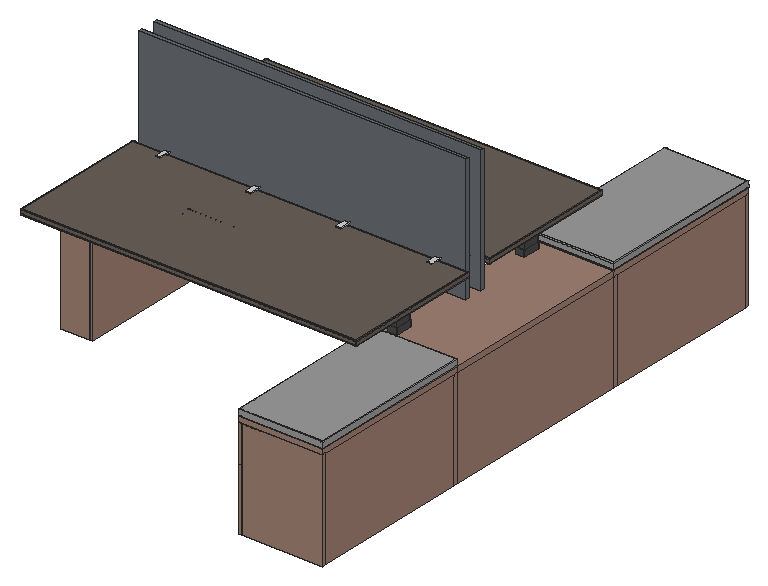
Revit family "OFS TYPICAL S200133", category Furniture, Revit 2022
Family settings
  OmniClass Number = 23.40.20.00
  OmniClass Title = General Furniture and Specialties
  Work Plane-Based = No
  Always vertical = No
  Cut with Voids When Loaded = No
  Render Appearance Source = Family Geometry
  Shared = No
  Room Calculation Point = No
Parameters (values of type "S200133")
  URL = "https://ofs.com/"
  Model = "S200133"
  Manufacturer = "OFS"
  Description = "OFS TYPICAL S200133"
  Default Elevation = 0"
  Copyright © = "©OFS 2021"
  Catalog = "https://ofs.com/2020-experience"
  Authoring Version = "Autodesk Revit Architecture 2015"
  Assembly Code = "E2020400"
Reference planes (in)
  plane 1 "Center Front/Back": y = 0
  plane 2: z = 0
  plane 3 "Center Left/Right": x = 0
Dimensions and locks (in)
  aligned and locked: level to plane 2
Nested families (in)
  nested 1: "OFS ELEMENT OPEN L DESK LEFT AND RIGHT 84in Width 60in Return" at (102, 18.84375, 84), type "ELEMENT OPEN L DESK LEFT RETURN 84in Width 60in Return"
    with Right Desk Ovelay no, Left Desk Overlay no, Desk Overlay Option yes
  nested 2: "STAKS BOX-FILE-OPEN SHELVES FLOOR STORAGE Left 30-36" at (48.67569, 34.67175, 0) x (0, -1, 0) z (0, 0, 1), type "STAKS BOX-FILE-OPEN SHELVES FLOOR STORAGE Left, 36in"
    with Table Height 27 3/4"
  nested 3: "STAKS BOX-FILE-OPEN SHELVES FLOOR STORAGE Right 30-36" at (48.67569, -43.32825, 0) x (0, -1, 0) z (0, 0, 1), type "STAKS BOX-FILE-OPEN SHELVES FLOOR STORAGE Right, 36in"
    with Table Height 27 3/4"
  nested 4: "STAKS CUSHION FOR HEIGHT ADJUSTABLE STORAGE CABINETS" at (39.67736, -39.07653, 3) x (0, 1, 0) z (0, 0, 1), type "STAKS CUSHION FOR HEIGHT ADJUSTABLE STORAGE CABINETS 36in"
    with Height Above Floor 21 1/2"
  nested 5: "STAKS CUSHION FOR HEIGHT ADJUSTABLE STORAGE CABINETS" at (39.67736, 38.97012, 3.00707) x (0, 1, 0) z (0, 0, 1), type "STAKS CUSHION FOR HEIGHT ADJUSTABLE STORAGE CABINETS 36in"
    with Height Above Floor 21 1/2"
  nested 6: "STAKS HEIGHT ADJUSTABLE WORK GROUP PANEL BASE Dual User" at (-36.32431, 0, 0) x (0, 1, 0) z (0, 0, 1), type "STAKS HEIGHT ADJUSTABLE WORK GROUP PANEL BASE Dual User"
    with Table Height 27 3/4"
  nested 7: "STAKS HEIGHT ADJUSTABLE WORK GROUP CABINET Dual User" at (48.67569, 0, 0) x (0, -1, 0) z (0, 0, 1), type "STAKS HEIGHT ADJUSTABLE WORK GROUP CABINET Dual User"
    with Table Height 27 3/4"
  nested 8: "STAKS HEIGHT ADJUSTABLE WORKSURFACE" at (0.61649, 17.92006, 7.97569), type "STAKS HEIGHT ADJUSTABLE WORKSURFACE 72x30"
    with PVC Edge yes, Height 21", 3D Laminate no
  nested 9: "STAKS HEIGHT ADJUSTABLE WORKSURFACE" at (0.61649, -17.92006, 7.97569), type "STAKS HEIGHT ADJUSTABLE WORKSURFACE 72x30"
    with PVC Edge yes, Height 21", 3D Laminate no
  nested 10: "STAKS CROSS RAIL PREMIUM POWER Double Sided Three Circuit" at (0.61649, 0, 0), type "STAKS CROSS RAIL PREMIUM POWER Double Sided Three Circuit 72in"
  nested 11: "STAKS WORKSURFACE EDGE MODESTY FABRIC" at (17.17569, -4.4223, 26.35639), type "STAKS WORKSURFACE EDGE MODESTY FABRIC 72. 2"
    with Width 70", Height 27"
  nested 12: "STAKS BRACKETS FOR WORKSURFACE EDGE MODESTY FABRIC PANEL" at (-28.33726, -1.85945, -3.27431), type "STAKS BRACKETS FOR WORKSURFACE EDGE MODESTY Fabric Panel"
  nested 13: "STAKS BRACKETS FOR WORKSURFACE EDGE MODESTY FABRIC PANEL" at (-8.9817, -1.85945, -3.27431), type "STAKS BRACKETS FOR WORKSURFACE EDGE MODESTY Fabric Panel"
  nested 14: "STAKS BRACKETS FOR WORKSURFACE EDGE MODESTY FABRIC PANEL" at (10.3308, -1.8282, -3.27431), type "STAKS BRACKETS FOR WORKSURFACE EDGE MODESTY Fabric Panel"
  nested 15: "STAKS BRACKETS FOR WORKSURFACE EDGE MODESTY FABRIC PANEL" at (29.7058, -1.8282, -3.27431), type "STAKS BRACKETS FOR WORKSURFACE EDGE MODESTY Fabric Panel"
  nested 16: "STAKS WORKSURFACE EDGE MODESTY FABRIC" at (17.17569, 4.2973, 26.35639), type "STAKS WORKSURFACE EDGE MODESTY FABRIC 72. 2"
    with Width 70", Height 27"
  nested 17: "STAKS BRACKETS FOR WORKSURFACE EDGE MODESTY FABRIC PANEL" at (-28.33726, 1.73445, -3.27431), type "STAKS BRACKETS FOR WORKSURFACE EDGE MODESTY Fabric Panel"
  nested 18: "STAKS BRACKETS FOR WORKSURFACE EDGE MODESTY FABRIC PANEL" at (-8.9817, 1.73445, -3.27431), type "STAKS BRACKETS FOR WORKSURFACE EDGE MODESTY Fabric Panel"
  nested 19: "STAKS BRACKETS FOR WORKSURFACE EDGE MODESTY FABRIC PANEL" at (10.3308, 1.7032, -3.27431), type "STAKS BRACKETS FOR WORKSURFACE EDGE MODESTY Fabric Panel"
  nested 20: "STAKS BRACKETS FOR WORKSURFACE EDGE MODESTY FABRIC PANEL" at (29.7058, 1.7032, -3.27431), type "STAKS BRACKETS FOR WORKSURFACE EDGE MODESTY Fabric Panel"
  nested 21: "STAKS PET WIRE MANAGER to Underside of Cross Rail" at (1, 0, 1.37653), type "STAKS PET WIRE MANAGER to Underside of Cross Rail 56in"
    with Height Above Floor 20"
Definition of nested family "STAKS BOX-FILE-OPEN SHELVES FLOOR STORAGE Left 30-36"
  Parameters (values of type "STAKS BOX-FILE-OPEN SHELVES FLOOR STORAGE Left, 30in")
    Width = 30"
    URL = "http://ofs.com"
    Top Material = none
    Top Board Back Offset = 0"
    Table Height [instance] = 27 3/4"
    Shelf Height = 13.86625"
    Drawers Width = 14"
    Drawer Handle Material = none
    Drawer Gap = 1/16"
    Depth = 18"
    Default Elevation = 0"
    Column Plate Thickness = 2"
    Column Material = none
    Box Width = 7"
    Board Thick Top = 1 1/8"
    Board Thick Door = 3/4"
    Board Material = none
    Model = "6-3018FSL1"
    Manufacturer = "OFS"
    Leg Caps Material = none
    Leg Offset = 2"
    Board Thick Internal = 3/4"
    Height = 23"
    Description = "OFS STAKS BOX-FILE-OPEN SHELVES FLOOR STORAGE Left, 30\" Width, One Box Drawer, One File Drawer, One Adjustable Shelf"
    Copyright © = "© OFS 2018"
    Catalog = "https://ofs.com/products/open-plan/benching/staks"
    Bottom Board Offset = 1/2"
    Board Thick Bot = 1"
    Board Thick Sides = 3/4"
    Board Thick Front = 3/4"
    Board Thick Back = 3/4"
    Authoring Version = "Autodesk Revit Architecture 2013"
    Assembly Code = "E2020200"
  Types (2): name | Width | Model | Description
    STAKS BOX-FILE-OPEN SHELVES FLOOR STORAGE Left, 30in | 30" | "6-3018FSL1" | "OFS STAKS BOX-FILE-OPEN SHELVES FLOOR STORAGE Left, 30\" Width, One Box Drawer, One File Drawer, One Adjustable Shelf"
    STAKS BOX-FILE-OPEN SHELVES FLOOR STORAGE Left, 36in | 36" | "6-3618FSL1" | "OFS STAKS BOX-FILE-OPEN SHELVES FLOOR STORAGE Left, 36\" Width, One Box Drawer, One File Drawer, One Adjustable Shelf"
  Reference planes (in)
    plane 1 "Center Front/Back": y = 0
    plane 2: z = 0
    plane 3 "Front End": y = -17.25
    plane 4 "Right End": x = 10.75
    plane 5 "Back End": y = 0
    plane 6 "Height Top": z = 23
    plane 7: x = 10
    plane 8: z = 21.875
    plane 9: z = 0.5
    plane 10: z = 1.5
    plane 11: y = -16.5
    plane 12: x = 8.75
    plane 13: y = -18
    plane 14: y = -0.75
    plane 15: y = 0
    plane 16: z = 13.86625
    plane 17: z = 13.11625
    plane 18: z = 13.92875
    plane 19 "Center Left Right": x = -4.25
    plane 20: x = -18.5
    plane 21: x = -3.75
    plane 22: x = -4.5
    plane 23: x = -19.25
    plane 24: x = -17.25
    plane 25: x = -14.5
    plane 26: x = -8.5
    plane 27: x = -8.875
    plane 28: x = -14.125
  Forms (in)
    Extrusion 1, solid, material <- "Board Material"
      sketch origin (0, 0, 0) x (-1, 0, 0) y (0, -1, 0)
        loop
          line (-10.75, 0) -> (-10, 0) -> (-10, 17.25) -> (-10.75, 17.25) -> (-10.75, 0)
      from 0.5 to 21.875
    Extrusion 2, solid, material <- "Board Material"
      sketch origin (0, 0, 0) x (1, 0, 0) y (0, 1, 0)
        loop
          line (-18.5, -0.75) -> (-18.5, -17.25) -> (10, -17.25) -> (10, -0.75) -> (-18.5, -0.75)
      from 0.5 to 1.5
    Extrusion 3, solid, material <- "Top Material"
      sketch origin (0, 0, 0) x (1, 0, 0) y (0, 1, 0)
        loop
          line (-19.25, 0) -> (-19.25, -18) -> (10.75, -18) -> (10.75, 0) -> (-19.25, 0)
      from 21.875 to 23
    Extrusion 4, solid, material <- "Board Material"
      sketch origin (0, 27.875, 0) x (1, 0, 0) y (0, 1, 0)
        loop
          line (-18.5, -27.875) -> (-18.5, -28.625) -> (10, -28.625) -> (10, -27.875) -> (-18.5, -27.875)
      from 0.5 to 21.875
    Revolve 5, solid, material <- "Leg Caps Material"
      sketch origin (-17.27629, -3.5, 0) x (-1, 0, 0) y (0, 0, -1)
        loop
          line (-26.02629, -0.5) -> (-25.83829, -0.5) -> (-25.83829, 0) -> (-26.21329, 0) -> (-26.21329, -0.12502)
          arc (-26.21329, -0.12502) -> (-26.17668, -0.2134) -> (-26.08831, -0.25) r 0.12498
          line (-26.08831, -0.25) -> (-26.02629, -0.25) -> (-26.02629, -0.5)
        axis (-25.83829, 0) -> (-25.83829, -0.5)
      angle from 0 to 360
    Revolve 6, solid, material <- "Leg Caps Material"
      sketch origin (-7.02629, -14.5, 0) x (-1, 0, 0) y (0, 0, 1)
        loop
          line (-15.77629, 0.5) -> (-15.77629, 0.25) -> (-15.83831, 0.25)
          arc (-15.83831, 0.25) -> (-15.92668, 0.2134) -> (-15.96329, 0.12502) r 0.12498
          line (-15.96329, 0.12502) -> (-15.96329, 0) -> (-15.58829, 0) -> (-15.58829, 0.5) -> (-15.77629, 0.5)
        axis (-15.58829, 0) -> (-15.58829, 0.5)
      angle from 0 to 360
    Extrusion 7, solid, material <- "Board Material"
      sketch origin (-29.25, 0, 0) x (-1, 0, 0) y (0, -1, 0)
        loop
          line (-10.75, 0) -> (-10, 0) -> (-10, 17.25) -> (-10.75, 17.25) -> (-10.75, 0)
      from 0.5 to 21.875
    Extrusion 8, solid, material <- "Board Material"
      sketch origin (-14.875, 0, 0) x (-1, 0, 0) y (0, -1, 0)
        loop
          line (-11.125, 0.75) -> (-10.375, 0.75) -> (-10.375, 17.25) -> (-11.125, 17.25) -> (-11.125, 0.75)
      from 1.5 to 21.875
    Revolve 9, solid, material <- "Leg Caps Material"
      sketch origin (2.40129, -3.5, 0) x (1, 0, 0) y (0, 0, 1)
        loop
          line (-19.65129, 0.5) -> (-19.65129, 0.25) -> (-19.71331, 0.25)
          arc (-19.71331, 0.25) -> (-19.80168, 0.2134) -> (-19.83829, 0.12502) r 0.12498
          line (-19.83829, 0.12502) -> (-19.83829, 0) -> (-19.46329, 0) -> (-19.46329, 0.5) -> (-19.65129, 0.5)
        axis (-19.46329, 0) -> (-19.46329, 0.5)
      angle from 0 to 360
    Revolve 10, solid, material <- "Leg Caps Material"
      sketch origin (-2.22371, -14.5, 0) x (1, 0, 0) y (0, 0, -1)
        loop
          line (-15.02629, -0.5) -> (-14.83829, -0.5) -> (-14.83829, 0) -> (-15.21329, 0) -> (-15.21329, -0.12502)
          arc (-15.21329, -0.12502) -> (-15.17668, -0.2134) -> (-15.08831, -0.25) r 0.12498
          line (-15.08831, -0.25) -> (-15.02629, -0.25) -> (-15.02629, -0.5)
        axis (-14.83829, 0) -> (-14.83829, -0.5)
      angle from 0 to 360
    Revolve 11, solid, material <- "Leg Caps Material"
      sketch origin (21.08829, -3.5, 0) x (1, 0, 0) y (0, 0, 1)
        loop
          line (-25.40129, 0.5) -> (-25.40129, 0.25) -> (-25.46331, 0.25)
          arc (-25.46331, 0.25) -> (-25.55168, 0.2134) -> (-25.58829, 0.12502) r 0.12498
          line (-25.58829, 0.12502) -> (-25.58829, 0) -> (-25.21329, 0) -> (-25.21329, 0.5) -> (-25.40129, 0.5)
        axis (-25.21329, 0) -> (-25.21329, 0.5)
      angle from 0 to 360
    Revolve 12, solid, material <- "Leg Caps Material"
      sketch origin (16.46329, -14.5, 0) x (1, 0, 0) y (0, 0, -1)
        loop
          line (-20.77629, -0.5) -> (-20.58829, -0.5) -> (-20.58829, 0) -> (-20.96329, 0) -> (-20.96329, -0.12502)
          arc (-20.96329, -0.12502) -> (-20.92668, -0.2134) -> (-20.83831, -0.25) r 0.12498
          line (-20.83831, -0.25) -> (-20.77629, -0.25) -> (-20.77629, -0.5)
        axis (-20.58829, 0) -> (-20.58829, -0.5)
      angle from 0 to 360
    Extrusion 13, solid, material <- "Board Material"
      sketch origin (-9.66893, 0, 0) x (-1, 0, 0) y (0, -1, 0)
        loop
          line (9.58107, 17.25) -> (9.58107, 18) -> (-5.91893, 18) -> (-5.91893, 17.25) -> (9.58107, 17.25)
      from 0.5 to 13.86625
    Extrusion 14, solid, material <- "Board Material"
      sketch origin (-11.49697, 0, 14.88819) x (-1, 0, 0) y (0, -1, 0)
        loop
          line (7.75303, 17.25) -> (7.75303, 18) -> (-7.74697, 18) -> (-7.74697, 17.25) -> (7.75303, 17.25)
      from -0.95944 to 6.98681
    Extrusion 15, solid, material <- "Drawer Handle Material"
      sketch origin (27.25, 0, 0) x (1, 0, 0) y (0, 1, 0)
        loop
          line (-35.75, -18.875) -> (-35.75, -18) -> (-36.125, -18) -> (-36.125, -18.6875) -> (-41.375, -18.6875) -> (-41.375, -18) -> (-41.75, -18) -> (-41.75, -18.875) -> (-35.75, -18.875)
      from 20.19685 to 20.6656
    Extrusion 16, solid, material <- "Drawer Handle Material"
      sketch origin (27.25, 0, -7) x (1, 0, 0) y (0, 1, 0)
        loop
          line (-35.75, -18.875) -> (-35.75, -18) -> (-36.125, -18) -> (-36.125, -18.6875) -> (-41.375, -18.6875) -> (-41.375, -18) -> (-41.75, -18) -> (-41.75, -18.875) -> (-35.75, -18.875)
      from 20.19685 to 20.6656
    Extrusion 17, solid, material <- "Board Material"
      sketch origin (15.75, 0, 0) x (1, 0, 0) y (0, 0, 1)
        loop
          line (-19.5, 13.86625) -> (-19.5, 13.11625) -> (-5.75, 13.11625) -> (-5.75, 13.86625) -> (-19.5, 13.86625)
      from 0.75 to 17.25
  Dimensions and locks (in)
    "Height": plane 6 "Height Top" to level
    "Board Thick Sides": plane 7 to plane 4 "Right End"
    "Board Thick Top": plane 6 "Height Top" to plane 8
    "Board Thick Bot": plane 10 to plane 9
    "Bottom Board Offset": plane 9 to level
    "Board Thick Front": plane 11 to plane 3 "Front End"
    "Leg Offset": plane 12 to plane 4 "Right End"
    "Board Thick Door": plane 13 to plane 3 "Front End"
    "Board Thick Back": plane 14 to plane 1 "Center Front/Back"
    "Depth": plane 13 to plane 1 "Center Front/Back"
    "Top Board Back Offset": plane 15 to plane 5 "Back End"
    "Board Thick Internal": plane 16 to plane 17
    "Shelf Height": plane 16 to level
    "Drawer Gap": plane 18 to plane 16
    equal spacing: plane 23, plane 19 "Center Left Right", plane 4 "Right End"
    "Width": plane 4 "Right End" to plane 23
    "Board Thick Internal": plane 21 to plane 22
    "Board Thick Sides": plane 23 to plane 20
    "Drawers Width": plane 20 to plane 22
    "Leg Offset": plane 24 to plane 23
    locked: plane 20 to plane 25 at 4
    locked: plane 26 to plane 22 at 4
    locked: plane 27 to plane 26 at 0.375
    locked: plane 25 to plane 28 at 0.375
    aligned and locked: level to plane 2
    aligned and locked: plane 7 to Extrusion 1
    aligned and locked: Extrusion 1 to plane 4 "Right End"
    aligned and locked: Extrusion 1 to plane 9
    aligned and locked: plane 7 to Extrusion 2 sketch curve
    aligned and locked: Extrusion 4 to plane 9
    aligned and locked: plane 8 to Extrusion 4
    aligned and locked: plane 8 to Extrusion 1
    aligned and locked: Extrusion 3 to plane 13
    aligned and locked: Extrusion 3 to plane 4 "Right End"
    aligned and locked: plane 6 "Height Top" to Extrusion 3
    aligned and locked: Extrusion 3 to plane 8
    aligned and locked: Extrusion 4 to plane 14
    aligned and locked: Extrusion 4 to plane 1 "Center Front/Back"
    aligned and locked: Extrusion 3 to plane 15
    aligned and locked: Extrusion 1 to plane 3 "Front End"
    aligned and locked: plane 12 to Revolve 5
    aligned and locked: plane 20 to Extrusion 7 sketch curve
    aligned and locked: plane 23 to Extrusion 7
    aligned and locked: plane 23 to Extrusion 3
    aligned and locked: plane 20 to Extrusion 2
    aligned and locked: Extrusion 7 to plane 9
    aligned and locked: Extrusion 7 to plane 5 "Back End"
    aligned and locked: plane 20 to Extrusion 4
    aligned and locked: Extrusion 4 to plane 7
    aligned and locked: Extrusion 1 to plane 5 "Back End"
    aligned and locked: plane 23 to Extrusion 14
    aligned and locked: plane 23 to Extrusion 13
    aligned and locked: plane 21 to Extrusion 14
    aligned and locked: plane 21 to Extrusion 13
    aligned and locked: Extrusion 15 to plane 25
    aligned and locked: Extrusion 16 to plane 25
    aligned and locked: Extrusion 15 to plane 28
    aligned and locked: Extrusion 16 to plane 28
    aligned and locked: Extrusion 15 to plane 27
    aligned and locked: Extrusion 16 to plane 27
    aligned and locked: Extrusion 15 to plane 26
    aligned and locked: Extrusion 16 to plane 26
    aligned and locked: plane 13 to Extrusion 13
    aligned and locked: plane 3 "Front End" to Extrusion 13
    aligned and locked: plane 13 to Extrusion 14
    aligned and locked: plane 3 "Front End" to Extrusion 14
    aligned and locked: plane 8 to Extrusion 14
    aligned and locked: Extrusion 14 to plane 18
    aligned and locked: Extrusion 13 to plane 16
    aligned and locked: Extrusion 13 to plane 9
    aligned and locked: Extrusion 17 to plane 21
    aligned and locked: Extrusion 17 to plane 7
    aligned and locked: Extrusion 17 to plane 16
    aligned and locked: plane 17 to Extrusion 17
  Automatic sketch dimensions
    Extrusion 1 sketch curve to plane 3 "Front End" = 0"
    Extrusion 1 sketch curve to plane 4 "Right End" = 0"
    Extrusion 1 sketch curve to plane 7 = 0"
    plane 1 "Center Front/Back" to Extrusion 1 sketch curve = 0"
    Extrusion 2 sketch curve to plane 3 "Front End" = 0"
    Extrusion 2 sketch curve to plane 20 = 0"
    Extrusion 2 sketch curve to plane 14 = 0"
    Extrusion 3 sketch curve to plane 13 = 0"
    Extrusion 3 sketch curve to plane 23 = 0"
    Extrusion 3 sketch curve to plane 4 "Right End" = 0"
    plane 1 "Center Front/Back" to Extrusion 3 sketch curve = 0"
    Extrusion 4 sketch curve to plane 14 = 0"
    Extrusion 4 sketch curve to plane 20 = 0"
    Extrusion 4 sketch curve to plane 7 = 0"
    plane 1 "Center Front/Back" to Extrusion 4 sketch curve = 0"
    Revolve 5 sketch curve to level = 0"
    plane 12 to Revolve 5 sketch curve = 0"
    Revolve 5 sketch curve to plane 9 = 0"  (x2)
    level to Revolve 5 sketch curve = 1/4"
    Revolve 5 sketch curve to Revolve 5 sketch curve = 0.06202"
    Revolve 5 sketch curve to Revolve 5 sketch curve = 0.12498"
    plane 12 to Revolve 5 sketch curve = 0.188"  (x2)
    plane 9 to Revolve 5 sketch curve = 1/4"
    Revolve 6 sketch curve to level = 0"
    plane 12 to Revolve 6 sketch curve = 0"
    Revolve 6 sketch curve to plane 9 = 0"  (x2)
    level to Revolve 6 sketch curve = 0.12502"
    Revolve 6 sketch curve to plane 12 = 0.06202"
    Revolve 6 sketch curve to Revolve 6 sketch curve = 0.12498"
    plane 12 to Revolve 6 sketch curve = 0.188"  (x2)
    plane 9 to Revolve 6 sketch curve = 1/4"
    Extrusion 7 sketch curve to plane 3 "Front End" = 0"
    Extrusion 7 sketch curve to plane 23 = 0"
    plane 1 "Center Front/Back" to Extrusion 7 sketch curve = 0"
    Extrusion 8 sketch curve to plane 3 "Front End" = 0"
    Extrusion 8 sketch curve to plane 21 = 0"
    Extrusion 8 sketch curve to plane 22 = 0"
    Extrusion 8 sketch curve to plane 14 = 0"
    Revolve 9 sketch curve to level = 0"
    Revolve 9 sketch curve to plane 24 = 0"
    Revolve 9 sketch curve to plane 9 = 0"  (x2)
    level to Revolve 9 sketch curve = 0.12502"
    Revolve 9 sketch curve to plane 24 = 0.06202"
    Revolve 9 sketch curve to Revolve 9 sketch curve = 0.12498"
    plane 24 to Revolve 9 sketch curve = 0.188"  (x2)
    plane 9 to Revolve 9 sketch curve = 1/4"
    Revolve 10 sketch curve to level = 0"
    Revolve 10 sketch curve to plane 24 = 0"
    Revolve 10 sketch curve to plane 9 = 0"  (x2)
    level to Revolve 10 sketch curve = 1/4"
    Revolve 10 sketch curve to plane 24 = 0.06202"
    Revolve 10 sketch curve to Revolve 10 sketch curve = 0.12498"
    plane 24 to Revolve 10 sketch curve = 0.188"  (x2)
    plane 9 to Revolve 10 sketch curve = 1/4"
    Revolve 11 sketch curve to plane 22 = 0"
    Revolve 11 sketch curve to plane 9 = 0"  (x2)
    Revolve 11 sketch curve to level = 0"
    level to Revolve 11 sketch curve = 0.12502"
    plane 22 to Revolve 11 sketch curve = 0.12498"
    Revolve 11 sketch curve to Revolve 11 sketch curve = 0.06202"
    Revolve 11 sketch curve to Revolve 11 sketch curve = 0.25002"
    Revolve 11 sketch curve to Revolve 11 sketch curve = 0"
    plane 9 to Revolve 11 sketch curve = 1/4"
    Revolve 12 sketch curve to plane 22 = 0"
    Revolve 12 sketch curve to plane 9 = 0"  (x2)
    Revolve 12 sketch curve to level = 0"
    level to Revolve 12 sketch curve = 1/4"
    plane 22 to Revolve 12 sketch curve = 0.12498"
    Revolve 12 sketch curve to Revolve 12 sketch curve = 0.06202"
    Revolve 12 sketch curve to Revolve 12 sketch curve = 0.25002"
    Revolve 12 sketch curve to Revolve 12 sketch curve = 0"
    plane 9 to Revolve 12 sketch curve = 1/4"
    Extrusion 13 sketch curve to plane 3 "Front End" = 0"
    Extrusion 13 sketch curve to plane 21 = 0"
    Extrusion 13 sketch curve to plane 13 = 0"
    Extrusion 13 sketch curve to plane 23 = 0"
    Extrusion 14 sketch curve to plane 3 "Front End" = 0"
    Extrusion 14 sketch curve to plane 21 = 0"
    Extrusion 14 sketch curve to plane 13 = 0"
    Extrusion 14 sketch curve to plane 23 = 0"
    Extrusion 15 sketch curve to plane 13 = 0"
    Extrusion 15 sketch curve to plane 25 = 0"
    Extrusion 15 sketch curve to plane 28 = 0"
    Extrusion 15 sketch curve to plane 27 = 0"
    plane 13 to Extrusion 15 sketch curve = 0"
    Extrusion 15 sketch curve to plane 26 = 0"
    plane 13 to Extrusion 15 sketch curve = 7/8"
    Extrusion 15 sketch curve to Extrusion 15 sketch curve = 3/16"
    Extrusion 16 sketch curve to plane 13 = 0"
    Extrusion 16 sketch curve to plane 25 = 0"
    Extrusion 16 sketch curve to plane 28 = 0"
    Extrusion 16 sketch curve to plane 27 = 0"
    plane 13 to Extrusion 16 sketch curve = 0"
    Extrusion 16 sketch curve to plane 26 = 0"
    plane 13 to Extrusion 16 sketch curve = 7/8"
    Extrusion 16 sketch curve to Extrusion 16 sketch curve = 3/16"
    Extrusion 17 sketch curve to plane 17 = 0"
    Extrusion 17 sketch curve to plane 16 = 0"
    plane 21 to Extrusion 17 sketch curve = 0"
    Extrusion 17 sketch curve to plane 12 = 1 1/4"
Definition of nested family "STAKS BOX-FILE-OPEN SHELVES FLOOR STORAGE Right 30-36"
  Parameters (values of type "STAKS BOX-FILE-OPEN SHELVES FLOOR STORAGE Right, 30in")
    Width = 30"
    URL = "http://ofs.com"
    Top Material = none
    Top Board Back Offset = 0"
    Table Height [instance] = 27 3/4"
    Shelf Height = 13.86625"
    Drawers Width = 14"
    Drawer Handle Material = none
    Drawer Gap = 1/16"
    Depth = 18"
    Default Elevation = 0"
    Column Plate Thickness = 2"
    Column Material = none
    Box Width = 7"
    Board Thick Top = 1 1/8"
    Board Thick Door = 3/4"
    Board Material = none
    Model = "6-3018FSR1"
    Manufacturer = "OFS"
    Leg Caps Material = none
    Leg Offset = 2"
    Board Thick Internal = 3/4"
    Height = 23"
    Description = "OFS STAKS BOX-FILE-OPEN SHELVES FLOOR STORAGE Right, 30\" Width, One Box Drawer, One File Drawer, One Adjustable Shelf"
    Copyright © = "© OFS 2018"
    Catalog = "https://ofs.com/products/open-plan/benching/staks"
    Bottom Board Offset = 1/2"
    Board Thick Bot = 1"
    Board Thick Sides = 3/4"
    Board Thick Front = 3/4"
    Board Thick Back = 3/4"
    Authoring Version = "Autodesk Revit Architecture 2013"
    Assembly Code = "E2020200"
  Types (2): name | Width | Model | Description
    STAKS BOX-FILE-OPEN SHELVES FLOOR STORAGE Right, 30in | 30" | "6-3018FSR1" | "OFS STAKS BOX-FILE-OPEN SHELVES FLOOR STORAGE Right, 30\" Width, One Box Drawer, One File Drawer, One Adjustable Shelf"
    STAKS BOX-FILE-OPEN SHELVES FLOOR STORAGE Right, 36in | 36" | "6-3618FSR1" | "OFS STAKS BOX-FILE-OPEN SHELVES FLOOR STORAGE Right, 36\" Width, One Box Drawer, One File Drawer, One Adjustable Shelf"
  Reference planes (in)
    plane 1 "Center Front/Back": y = 0
    plane 2: z = 0
    plane 3 "Front End": y = -17.25
    plane 4 "Right End": x = 10.75
    plane 5 "Back End": y = 0
    plane 6 "Height Top": z = 23
    plane 7: x = 10
    plane 8: z = 21.875
    plane 9: z = 0.5
    plane 10: z = 1.5
    plane 11: y = -16.5
    plane 12: x = 8.75
    plane 13: y = -18
    plane 14: y = -0.75
    plane 15: y = 0
    plane 16: z = 13.86625
    plane 17: z = 13.11625
    plane 18: z = 13.92875
    plane 19 "Center Left Right": x = -4.25
    plane 20: x = -18.5
    plane 21: x = -4
    plane 22: x = -4.75
    plane 23: x = -19.25
    plane 24: x = -17.25
    plane 25: x = 6
    plane 26: x = 5.625
    plane 27: x = 0
    plane 28: x = 0.375
    plane 29: x = -14.5
    plane 30: x = -8.75
    plane 31: x = -9.125
    plane 32: x = -14.125
  Forms (in)
    Extrusion 1, solid, material <- "Board Material"
      sketch origin (0, 0, 0) x (-1, 0, 0) y (0, -1, 0)
        loop
          line (-10.75, 0) -> (-10, 0) -> (-10, 17.25) -> (-10.75, 17.25) -> (-10.75, 0)
      from 0.5 to 21.875
    Extrusion 2, solid, material <- "Board Material"
      sketch origin (0, 0, 0) x (1, 0, 0) y (0, 1, 0)
        loop
          line (-18.5, -0.75) -> (-18.5, -17.25) -> (10, -17.25) -> (10, -0.75) -> (-18.5, -0.75)
      from 0.5 to 1.5
    Extrusion 3, solid, material <- "Top Material"
      sketch origin (0, 0, 0) x (1, 0, 0) y (0, 1, 0)
        loop
          line (-19.25, 0) -> (-19.25, -18) -> (10.75, -18) -> (10.75, 0) -> (-19.25, 0)
      from 21.875 to 23
    Extrusion 4, solid, material <- "Board Material"
      sketch origin (0, 27.875, 0) x (1, 0, 0) y (0, 1, 0)
        loop
          line (-18.5, -27.875) -> (-18.5, -28.625) -> (10, -28.625) -> (10, -27.875) -> (-18.5, -27.875)
      from 0.5 to 21.875
    Revolve 5, solid, material <- "Leg Caps Material"
      sketch origin (-17.27629, -3.5, 0) x (-1, 0, 0) y (0, 0, -1)
        loop
          line (-26.02629, -0.5) -> (-25.83829, -0.5) -> (-25.83829, 0) -> (-26.21329, 0) -> (-26.21329, -0.12502)
          arc (-26.21329, -0.12502) -> (-26.17668, -0.2134) -> (-26.08831, -0.25) r 0.12498
          line (-26.08831, -0.25) -> (-26.02629, -0.25) -> (-26.02629, -0.5)
        axis (-25.83829, 0) -> (-25.83829, -0.5)
      angle from 0 to 360
    Revolve 6, solid, material <- "Leg Caps Material"
      sketch origin (-7.02629, -14.5, 0) x (-1, 0, 0) y (0, 0, 1)
        loop
          line (-15.77629, 0.5) -> (-15.77629, 0.25) -> (-15.83831, 0.25)
          arc (-15.83831, 0.25) -> (-15.92668, 0.2134) -> (-15.96329, 0.12502) r 0.12498
          line (-15.96329, 0.12502) -> (-15.96329, 0) -> (-15.58829, 0) -> (-15.58829, 0.5) -> (-15.77629, 0.5)
        axis (-15.58829, 0) -> (-15.58829, 0.5)
      angle from 0 to 360
    Extrusion 7, solid, material <- "Board Material"
      sketch origin (-29.25, 0, 0) x (-1, 0, 0) y (0, -1, 0)
        loop
          line (-10.75, 0) -> (-10, 0) -> (-10, 17.25) -> (-10.75, 17.25) -> (-10.75, 0)
      from 0.5 to 21.875
    Extrusion 8, solid, material <- "Board Material"
      sketch origin (7.66893, 0, 0) x (1, 0, 0) y (0, 1, 0)
        loop
          line (3.08107, -17.25) -> (-12.41893, -17.25) -> (-12.41893, -18) -> (3.08107, -18) -> (3.08107, -17.25)
      from 0.5 to 13.86625
    Extrusion 9, solid, material <- "Board Material"
      sketch origin (-14.875, 0, 0) x (-1, 0, 0) y (0, -1, 0)
        loop
          line (-10.875, 0.75) -> (-10.125, 0.75) -> (-10.125, 17.25) -> (-10.875, 17.25) -> (-10.875, 0.75)
      from 1.5 to 21.875
    Extrusion 10, solid, material <- "Board Material"
      sketch origin (-29.25, 0, 0) x (-1, 0, 0) y (0, 0, -1)
        loop
          line (-24.5, -13.86625) -> (-10.75, -13.86625) -> (-10.75, -13.11625) -> (-24.5, -13.11625) -> (-24.5, -13.86625)
      from 0.75 to 17.25
    Extrusion 11, solid, material <- "Board Material"
      sketch origin (9.49697, 0, 14.88819) x (1, 0, 0) y (0, 1, 0)
        loop
          line (1.25303, -17.25) -> (-14.24697, -17.25) -> (-14.24697, -18) -> (1.25303, -18) -> (1.25303, -17.25)
      from -0.95944 to 6.98681
    Extrusion 12, solid, material <- "Drawer Handle Material"
      sketch origin (-29.25, 0, 0) x (-1, 0, 0) y (0, -1, 0)
        loop
          line (-29.25, 18.875) -> (-35.25, 18.875) -> (-35.25, 18) -> (-34.875, 18) -> (-34.875, 18.6875) -> (-29.625, 18.6875) -> (-29.625, 18) -> (-29.25, 18) -> (-29.25, 18.875)
      from 20.19685 to 20.6656
    Extrusion 13, solid, material <- "Drawer Handle Material"
      sketch origin (-29.25, 0, -7) x (-1, 0, 0) y (0, -1, 0)
        loop
          line (-29.25, 18.875) -> (-35.25, 18.875) -> (-35.25, 18) -> (-34.875, 18) -> (-34.875, 18.6875) -> (-29.625, 18.6875) -> (-29.625, 18) -> (-29.25, 18) -> (-29.25, 18.875)
      from 20.19685 to 20.6656
    Revolve 14, solid, material <- "Leg Caps Material"
      sketch origin (2.40129, -3.5, 0) x (1, 0, 0) y (0, 0, 1)
        loop
          line (-19.65129, 0.5) -> (-19.65129, 0.25) -> (-19.71331, 0.25)
          arc (-19.71331, 0.25) -> (-19.80168, 0.2134) -> (-19.83829, 0.12502) r 0.12498
          line (-19.83829, 0.12502) -> (-19.83829, 0) -> (-19.46329, 0) -> (-19.46329, 0.5) -> (-19.65129, 0.5)
        axis (-19.46329, 0) -> (-19.46329, 0.5)
      angle from 0 to 360
    Revolve 15, solid, material <- "Leg Caps Material"
      sketch origin (-2.22371, -14.5, 0) x (1, 0, 0) y (0, 0, -1)
        loop
          line (-15.02629, -0.5) -> (-14.83829, -0.5) -> (-14.83829, 0) -> (-15.21329, 0) -> (-15.21329, -0.12502)
          arc (-15.21329, -0.12502) -> (-15.17668, -0.2134) -> (-15.08831, -0.25) r 0.12498
          line (-15.08831, -0.25) -> (-15.02629, -0.25) -> (-15.02629, -0.5)
        axis (-14.83829, 0) -> (-14.83829, -0.5)
      angle from 0 to 360
    Revolve 16, solid, material <- "Leg Caps Material"
      sketch origin (21.08829, -3.5, 0) x (1, 0, 0) y (0, 0, 1)
        loop
          line (-25.65129, 0.5) -> (-25.65129, 0.25) -> (-25.71331, 0.25)
          arc (-25.71331, 0.25) -> (-25.80168, 0.2134) -> (-25.83829, 0.12502) r 0.12498
          line (-25.83829, 0.12502) -> (-25.83829, 0) -> (-25.46329, 0) -> (-25.46329, 0.5) -> (-25.65129, 0.5)
        axis (-25.46329, 0) -> (-25.46329, 0.5)
      angle from 0 to 360
    Revolve 17, solid, material <- "Leg Caps Material"
      sketch origin (16.46329, -14.5, 0) x (1, 0, 0) y (0, 0, -1)
        loop
          line (-21.02629, -0.5) -> (-20.83829, -0.5) -> (-20.83829, 0) -> (-21.21329, 0) -> (-21.21329, -0.12502)
          arc (-21.21329, -0.12502) -> (-21.17668, -0.2134) -> (-21.08831, -0.25) r 0.12498
          line (-21.08831, -0.25) -> (-21.02629, -0.25) -> (-21.02629, -0.5)
        axis (-20.83829, 0) -> (-20.83829, -0.5)
      angle from 0 to 360
  Dimensions and locks (in)
    "Height": plane 6 "Height Top" to level
    "Board Thick Sides": plane 7 to plane 4 "Right End"
    "Board Thick Top": plane 6 "Height Top" to plane 8
    "Board Thick Bot": plane 10 to plane 9
    "Bottom Board Offset": plane 9 to level
    "Board Thick Front": plane 11 to plane 3 "Front End"
    "Leg Offset": plane 12 to plane 4 "Right End"
    "Board Thick Door": plane 13 to plane 3 "Front End"
    "Board Thick Back": plane 14 to plane 1 "Center Front/Back"
    "Depth": plane 13 to plane 1 "Center Front/Back"
    "Top Board Back Offset": plane 15 to plane 5 "Back End"
    "Board Thick Internal": plane 16 to plane 17
    "Shelf Height": plane 16 to level
    "Drawer Gap": plane 18 to plane 16
    equal spacing: plane 23, plane 19 "Center Left Right", plane 4 "Right End"
    "Width": plane 4 "Right End" to plane 23
    "Board Thick Internal": plane 21 to plane 22
    "Board Thick Sides": plane 23 to plane 20
    "Drawers Width": plane 21 to plane 7
    "Leg Offset": plane 24 to plane 23
    locked: plane 25 to plane 7 at 4
    locked: plane 21 to plane 27 at 4
    locked: plane 26 to plane 25 at 0.375
    locked: plane 27 to plane 28 at 0.375
    locked: plane 20 to plane 29 at 4
    locked: plane 30 to plane 22 at 4
    locked: plane 31 to plane 30 at 0.375
    locked: plane 29 to plane 32 at 0.375
    aligned and locked: level to plane 2
    aligned and locked: plane 7 to Extrusion 1
    aligned and locked: Extrusion 1 to plane 4 "Right End"
    aligned and locked: Extrusion 1 to plane 9
    aligned and locked: plane 7 to Extrusion 2 sketch curve
    aligned and locked: Extrusion 4 to plane 9
    aligned and locked: plane 8 to Extrusion 4
    aligned and locked: plane 8 to Extrusion 1
    aligned and locked: Extrusion 3 to plane 13
    aligned and locked: Extrusion 3 to plane 4 "Right End"
    aligned and locked: plane 6 "Height Top" to Extrusion 3
    aligned and locked: Extrusion 3 to plane 8
    aligned and locked: Extrusion 4 to plane 14
    aligned and locked: Extrusion 4 to plane 1 "Center Front/Back"
    aligned and locked: Extrusion 3 to plane 15
    aligned and locked: Extrusion 1 to plane 3 "Front End"
    aligned and locked: plane 12 to Revolve 5
    aligned and locked: plane 20 to Extrusion 7 sketch curve
    aligned and locked: plane 22 to Extrusion 8
    aligned and locked: Extrusion 10 sketch curve to plane 20
    aligned and locked: Extrusion 10 sketch curve to plane 22
    aligned and locked: Extrusion 10 to Extrusion 8
    aligned and locked: plane 22 to Extrusion 11
    aligned and locked: plane 23 to Extrusion 7
    aligned and locked: plane 23 to Extrusion 3
    aligned and locked: plane 20 to Extrusion 2
    aligned and locked: Extrusion 7 to plane 9
    aligned and locked: Extrusion 12 to plane 25
    aligned and locked: Extrusion 13 to plane 25
    aligned and locked: plane 26 to Extrusion 12
    aligned and locked: plane 26 to Extrusion 13
    aligned and locked: Extrusion 12 to plane 28
    aligned and locked: Extrusion 13 to plane 28
    aligned and locked: Extrusion 12 to plane 27
    aligned and locked: Extrusion 13 to plane 27
    aligned and locked: Extrusion 7 to plane 5 "Back End"
    aligned and locked: plane 20 to Extrusion 4
    aligned and locked: Extrusion 4 to plane 7
    aligned and locked: Extrusion 1 to plane 5 "Back End"
  Automatic sketch dimensions
    Extrusion 1 sketch curve to plane 3 "Front End" = 0"
    Extrusion 1 sketch curve to plane 4 "Right End" = 0"
    Extrusion 1 sketch curve to plane 7 = 0"
    plane 1 "Center Front/Back" to Extrusion 1 sketch curve = 0"
    Extrusion 2 sketch curve to plane 3 "Front End" = 0"
    Extrusion 2 sketch curve to plane 20 = 0"
    Extrusion 2 sketch curve to plane 14 = 0"
    Extrusion 3 sketch curve to plane 13 = 0"
    Extrusion 3 sketch curve to plane 23 = 0"
    Extrusion 3 sketch curve to plane 4 "Right End" = 0"
    plane 1 "Center Front/Back" to Extrusion 3 sketch curve = 0"
    Extrusion 4 sketch curve to plane 14 = 0"
    Extrusion 4 sketch curve to plane 20 = 0"
    Extrusion 4 sketch curve to plane 7 = 0"
    plane 1 "Center Front/Back" to Extrusion 4 sketch curve = 0"
    Revolve 5 sketch curve to level = 0"
    plane 12 to Revolve 5 sketch curve = 0"
    Revolve 5 sketch curve to plane 9 = 0"  (x2)
    level to Revolve 5 sketch curve = 1/4"
    Revolve 5 sketch curve to plane 12 = 0.06202"
    Revolve 5 sketch curve to Revolve 5 sketch curve = 0.12498"
    plane 12 to Revolve 5 sketch curve = 0.188"  (x2)
    plane 9 to Revolve 5 sketch curve = 1/4"
    Revolve 6 sketch curve to level = 0"
    plane 12 to Revolve 6 sketch curve = 0"
    Revolve 6 sketch curve to plane 9 = 0"  (x2)
    level to Revolve 6 sketch curve = 0.12502"
    Revolve 6 sketch curve to plane 12 = 0.06202"
    Revolve 6 sketch curve to Revolve 6 sketch curve = 0.12498"
    plane 12 to Revolve 6 sketch curve = 0.188"  (x2)
    plane 9 to Revolve 6 sketch curve = 1/4"
    Extrusion 7 sketch curve to plane 3 "Front End" = 0"
    Extrusion 7 sketch curve to plane 23 = 0"
    plane 1 "Center Front/Back" to Extrusion 7 sketch curve = 0"
    Extrusion 8 sketch curve to plane 3 "Front End" = 0"
    Extrusion 8 sketch curve to plane 22 = 0"
    Extrusion 8 sketch curve to plane 4 "Right End" = 0"
    plane 13 to Extrusion 8 sketch curve = 0"
    Extrusion 9 sketch curve to plane 3 "Front End" = 0"
    Extrusion 9 sketch curve to plane 21 = 0"
    Extrusion 9 sketch curve to plane 22 = 0"
    Extrusion 9 sketch curve to plane 14 = 0"
    Extrusion 10 sketch curve to plane 16 = 0"
    Extrusion 10 sketch curve to plane 17 = 0"
    Extrusion 11 sketch curve to plane 3 "Front End" = 0"
    Extrusion 11 sketch curve to plane 22 = 0"
    Extrusion 11 sketch curve to plane 4 "Right End" = 0"
    plane 13 to Extrusion 11 sketch curve = 0"
    plane 13 to Extrusion 12 sketch curve = 0"  (x2)
    Extrusion 12 sketch curve to plane 25 = 0"
    Extrusion 12 sketch curve to plane 26 = 0"
    Extrusion 12 sketch curve to plane 28 = 0"
    Extrusion 12 sketch curve to plane 27 = 0"
    plane 13 to Extrusion 12 sketch curve = 11/16"
    Extrusion 12 sketch curve to Extrusion 12 sketch curve = 3/16"
    plane 13 to Extrusion 13 sketch curve = 0"  (x2)
    Extrusion 13 sketch curve to plane 25 = 0"
    Extrusion 13 sketch curve to plane 26 = 0"
    Extrusion 13 sketch curve to plane 28 = 0"
    Extrusion 13 sketch curve to plane 27 = 0"
    plane 13 to Extrusion 13 sketch curve = 11/16"
    Extrusion 13 sketch curve to Extrusion 13 sketch curve = 3/16"
    Revolve 14 sketch curve to level = 0"
    Revolve 14 sketch curve to plane 24 = 0"
    Revolve 14 sketch curve to plane 9 = 0"  (x2)
    level to Revolve 14 sketch curve = 0.12502"
    Revolve 14 sketch curve to plane 24 = 0.06202"
    Revolve 14 sketch curve to Revolve 14 sketch curve = 0.12498"
    plane 24 to Revolve 14 sketch curve = 0.188"  (x2)
    plane 9 to Revolve 14 sketch curve = 1/4"
    Revolve 15 sketch curve to level = 0"
    Revolve 15 sketch curve to plane 24 = 0"
    Revolve 15 sketch curve to plane 9 = 0"  (x2)
    level to Revolve 15 sketch curve = 1/4"
    Revolve 15 sketch curve to plane 24 = 0.06202"
    Revolve 15 sketch curve to Revolve 15 sketch curve = 0.12498"
    plane 24 to Revolve 15 sketch curve = 0.188"  (x2)
    plane 9 to Revolve 15 sketch curve = 1/4"
    Revolve 16 sketch curve to plane 22 = 0"
    Revolve 16 sketch curve to plane 9 = 0"  (x2)
    Revolve 16 sketch curve to level = 0"
    level to Revolve 16 sketch curve = 0.12502"
    plane 22 to Revolve 16 sketch curve = 0.12498"
    Revolve 16 sketch curve to Revolve 16 sketch curve = 0.06202"
    Revolve 16 sketch curve to Revolve 16 sketch curve = 0.25002"
    Revolve 16 sketch curve to Revolve 16 sketch curve = 0"
    plane 9 to Revolve 16 sketch curve = 1/4"
    Revolve 17 sketch curve to plane 22 = 0"
    Revolve 17 sketch curve to plane 9 = 0"  (x2)
    Revolve 17 sketch curve to level = 0"
    level to Revolve 17 sketch curve = 1/4"
    plane 22 to Revolve 17 sketch curve = 0.12498"
    Revolve 17 sketch curve to Revolve 17 sketch curve = 0.06202"
    Revolve 17 sketch curve to Revolve 17 sketch curve = 0.25002"
    Revolve 17 sketch curve to Revolve 17 sketch curve = 0"
    plane 9 to Revolve 17 sketch curve = 1/4"
Definition of nested family "STAKS CUSHION FOR HEIGHT ADJUSTABLE STORAGE CABINETS"
  Parameters (values of type "STAKS CUSHION FOR HEIGHT ADJUSTABLE STORAGE CABINETS 30in")
    Width = 30"
    Default Elevation = 0"
    Cushion Material = none
    URL = "http://www.ofs.com/"
    Height Above Floor [instance] = 21 1/2"
    Height = 1 1/2"
    Model = "6-3018SC"
    Manufacturer = "OFS"
    Description = "OFS STAKS CUSHION FOR HEIGHT ADJUSTABLE STORAGE CABINETS 30\" Width, Must be Field Installed"
    Depth = 18"
    Copyright © = "© 2018 OFS"
    Catalog = "https://ofs.com/products/open-plan/benching/staks"
    Authoring Version = "Autodesk Revit Architecture 2013"
    Assembly Code = "E2020200"
  Types (5): name | Width | Model | Description
    (no name) | 30" | "6-3018SC" | "OFS STAKS CUSHION FOR HEIGHT ADJUSTABLE STORAGE CABINETS 30\" Width, Must be Field Installed"
    STAKS CUSHION FOR HEIGHT ADJUSTABLE STORAGE CABINETS 30in | 30" | "6-3018SC" | "OFS STAKS CUSHION FOR HEIGHT ADJUSTABLE STORAGE CABINETS 30\" Width, Must be Field Installed"
    STAKS CUSHION FOR HEIGHT ADJUSTABLE STORAGE CABINETS 36in | 36" | "6-3618SC" | "OFS STAKS CUSHION FOR HEIGHT ADJUSTABLE STORAGE CABINETS 36\" Width, Must be Field Installed"
    STAKS CUSHION FOR HEIGHT ADJUSTABLE STORAGE CABINETS 42in | 42" | "6-4218SC" | "OFS STAKS CUSHION FOR HEIGHT ADJUSTABLE STORAGE CABINETS 42\" Width, Must be Field Installed"
    STAKS CUSHION FOR HEIGHT ADJUSTABLE STORAGE CABINETS 48in | 48" | "6-4818SC" | "OFS STAKS CUSHION FOR HEIGHT ADJUSTABLE STORAGE CABINETS 48\" Width, Must be Field Installed"
  Reference planes (in)
    plane 1 "Center (Front/Back)": y = 0
    plane 2: z = 0
    plane 3 "Center (Left/Right)": x = 0
    plane 4: x = 15
    plane 5: x = -15
    plane 6: y = 9
    plane 7: y = -9
    plane 8: z = 20
    plane 9: z = 21.5
  Forms (in)
    Extrusion 1, solid, material <- "Cushion Material"
      sketch origin (3.56329, 81.33771, 3.5) x (-1, 0, 0) y (0, -1, 0)
        loop
          line (18.43829, 72.46271) -> (18.43829, 90.21271) -> (-11.31171, 90.21271) -> (-11.31171, 72.46271) -> (18.43829, 72.46271)
      from 18 to 16.5
    Sweep 2, solid, material <- "Cushion Material"
      path in 3D
        loop
          line (14.875, 8.875, 21.5) -> (-14.875, 8.875, 21.5) -> (-14.875, -8.875, 21.5) -> (14.875, -8.875, 21.5) -> (14.875, 8.875, 21.5)
      profile origin (14.875, 0, 21.5) x (-1, 0, 0) y (0, 0, 1)
        loop
          arc (0, 0) -> (-0.08839, -0.03661) -> (-0.125, -0.125) r 0.125
          line (-0.125, -0.125) -> (-0.125, -1.375)
          arc (-0.125, -1.375) -> (-0.08839, -1.46339) -> (0, -1.5) r 0.125
          line (0, -1.5) -> (0, 0)
  Cuts and joins
    joined: Extrusion 1, Sweep 2
  Lines and regions (in)
    sketch lines
      curve 1: line (14.875, -8.875, 21.5) -> (14.875, 8.875, 21.5)
      curve 2: line (14.875, 8.875, 21.5) -> (-14.875, 8.875, 21.5)
      curve 3: line (-14.875, 8.875, 21.5) -> (-14.875, -8.875, 21.5)
      curve 4: line (-14.875, -8.875, 21.5) -> (14.875, -8.875, 21.5)
  Dimensions and locks (in)
    equal spacing: plane 5, plane 3 "Center (Left/Right)", plane 4
    "Width": plane 5 to plane 4
    "Depth": plane 6 to plane 7
    equal spacing: plane 7, plane 1 "Center (Front/Back)", plane 6
    "Height": plane 9 to plane 8
    "Height Above Floor": plane 9 to level
    aligned and locked: level to plane 2
    aligned and locked: plane 9 to Extrusion 1
    aligned and locked: Extrusion 1 to plane 8
  Automatic sketch dimensions
    Extrusion 1 sketch curve to plane 4 = 1/8"
    Extrusion 1 sketch curve to plane 6 = 1/8"
    Extrusion 1 sketch curve to plane 5 = 1/8"
    Extrusion 1 sketch curve to plane 7 = 1/8"
    Sweep 2 sketch curve to profile plane = 0"  (x2)
    Sweep 2 sketch curve to Sweep 2 sketch curve = 1/8"
    Sweep 2 sketch curve to Sweep 2 sketch curve = 1 3/8"
Definition of nested family "STAKS HEIGHT ADJUSTABLE WORK GROUP PANEL BASE Dual User"
  Parameters (values of type "STAKS HEIGHT ADJUSTABLE WORK GROUP PANEL BASE Dual User")
    Width = 42"
    URL = "http://ofs.com"
    Top Material = none
    Top Board Back Offset = 0"
    Table Height [instance] = 27 3/4"
    Depth = 7"
    Default Elevation = 0"
    Column Plate Thickness = 2"
    Column Material = none
    Box Width = 7"
    Board Thick Top = 1 1/8"
    Board Thick Door = 3/4"
    Board Material = none
    Model = "6-4207HAWC1"
    Manufacturer = "OFS"
    Leg Caps Material = none
    Leg Offset = 2"
    Board Thick Internal = 3/4"
    Height = 23"
    Description = "OFS STAKS HEIGHT ADJUSTABLE WORK GROUP PANEL BASE Dual User"
    Copyright © = "© OFS 2018"
    Catalog = "https://ofs.com/products/open-plan/benching/staks"
    Bottom Board Offset = 1/2"
    Board Thick Bot = 1"
    Board Thick Sides = 3/4"
    Board Thick Front = 3/4"
    Board Thick Back = 3/4"
    Authoring Version = "Autodesk Revit Architecture 2013"
    Assembly Code = "E2020200"
  Reference planes (in)
    plane 1 "Center Front/Back": y = 0
    plane 2: z = 0
    plane 3 "Center Left/Right": x = 0
    plane 4 "Left End": x = -21
    plane 5 "Front End": y = -6.25
    plane 6 "Right End": x = 21
    plane 7 "Back End": y = 0
    plane 8 "Height Top": z = 23
    plane 9: x = -20.25
    plane 10: x = 20.25
    plane 11: z = 21.875
    plane 12: z = 0.5
    plane 13: z = 1.5
    plane 14: y = -5.5
    plane 15: x = 19
    plane 16: x = -19
    plane 17: y = -7
    plane 18: y = -0.75
    plane 19: y = 0
    plane 20: x = -4.25
    plane 21: x = -3.5
    plane 22: x = 4.25
    plane 23: x = 3.5
    plane 24: z = 27.75
    plane 25: z = 25.75
    plane 26: z = 24.375
    plane 27: z = 26.75
  Forms (in)
    Extrusion 1, solid, material <- "Board Material"
      sketch origin (0, 0, 0) x (1, 0, 0) y (0, 1, 0)
        loop
          line (-21, 0) -> (-21, -6.25) -> (-20.25, -6.25) -> (-20.25, 0) -> (-21, 0)
      from 0.5 to 21.875
    Extrusion 2, solid, material <- "Board Material"
      sketch origin (0, 0, 0) x (-1, 0, 0) y (0, -1, 0)
        loop
          line (-21, 0) -> (-20.25, 0) -> (-20.25, 6.25) -> (-21, 6.25) -> (-21, 0)
      from 0.5 to 21.875
    Extrusion 3, solid, material <- "Board Material"
      sketch origin (0, 0, 0) x (1, 0, 0) y (0, 1, 0)
        loop
          line (-20.25, -0.75) -> (-20.25, -6.25) -> (20.25, -6.25) -> (20.25, -0.75) -> (-20.25, -0.75)
      from 0.5 to 1.5
    Extrusion 4, solid, material <- "Top Material"
      sketch origin (0, 0, 0) x (1, 0, 0) y (0, 1, 0)
        loop
          line (-21, 0) -> (-21, -7) -> (21, -7) -> (21, 0) -> (-21, 0)
      from 21.875 to 23
    Extrusion 5, solid, material <- "Board Material"
      sketch origin (0, 0, 0) x (1, 0, 0) y (0, 1, 0)
        loop
          line (-4.25, -0.75) -> (-4.25, -6.25) -> (-3.5, -6.25) -> (-3.5, -0.75) -> (-4.25, -0.75)
      from 1.5 to 21.875
    Extrusion 6, solid, material <- "Board Material"
      sketch origin (0, 27.875, 0) x (1, 0, 0) y (0, 1, 0)
        loop
          line (-20.25, -27.875) -> (-20.25, -28.625) -> (20.25, -28.625) -> (20.25, -27.875) -> (-20.25, -27.875)
      from 0.5 to 21.875
    Extrusion 7, solid, material <- "Board Material"
      sketch origin (0, 0, 0) x (1, 0, 0) y (0, 1, 0)
        loop
          line (21, -6.25) -> (-21, -6.25) -> (-21, -7) -> (21, -7) -> (21, -6.25)
      from 0.5 to 21.875
    Extrusion 8, solid, material <- "Board Material"
      sketch origin (0, 0, 0) x (-1, 0, 0) y (0, -1, 0)
        loop
          line (-4.25, 0.75) -> (-3.5, 0.75) -> (-3.5, 6.25) -> (-4.25, 6.25) -> (-4.25, 0.75)
      from 1.5 to 21.875
    Extrusion 9, void
      sketch origin (0, 0, 0) x (1, 0, 0) y (0, 0, 1)
        loop
          line (3.5, 21.875) -> (-3.5, 21.875)
          arc (-3.5, 21.875) -> (0, 20.04736) -> (3.5, 21.875) r 4.26514
      from 0 to 7
    Extrusion 10, solid, material <- "Column Material"
      sketch origin (7.27539, 70.81173, 0) x (-1, 0, 0) y (0, -1, 0)
        loop
          arc (26.15039, 74.31173) -> (26.23878, 74.34834) -> (26.27539, 74.43673) r 0.125
          line (26.27539, 74.43673) -> (26.27539, 76.18673)
          arc (26.27539, 76.18673) -> (26.23878, 76.27512) -> (26.15039, 76.31173) r 0.125
          line (26.15039, 76.31173) -> (22.65039, 76.31173)
          arc (22.65039, 76.31173) -> (22.562, 76.27512) -> (22.52539, 76.18673) r 0.125
          line (22.52539, 76.18673) -> (22.52539, 74.43673)
          arc (22.52539, 74.43673) -> (22.562, 74.34834) -> (22.65039, 74.31173) r 0.125
          line (22.65039, 74.31173) -> (26.15039, 74.31173)
      from 23 to 24.375
    Extrusion 11, solid, material <- "Column Material"
      sketch origin (7.27539, 70.81173, 0) x (-1, 0, 0) y (0, -1, 0)
        loop
          line (22.71289, 74.43673) -> (26.08789, 74.43673)
          arc (26.08789, 74.43673) -> (26.13208, 74.45504) -> (26.15039, 74.49923) r 0.0625
          line (26.15039, 74.49923) -> (26.15039, 76.12423)
          arc (26.15039, 76.12423) -> (26.13208, 76.16843) -> (26.08789, 76.18673) r 0.0625
          line (26.08789, 76.18673) -> (22.71289, 76.18673)
          arc (22.71289, 76.18673) -> (22.66869, 76.16843) -> (22.65039, 76.12423) r 0.0625
          line (22.65039, 76.12423) -> (22.65039, 74.49923)
          arc (22.65039, 74.49923) -> (22.66869, 74.45504) -> (22.71289, 74.43673) r 0.0625
      from 24.375 to 25.75
    Revolve 12, solid, material <- "Leg Caps Material"
      sketch origin (7.02629, -3.5, 0) x (1, 0, 0) y (0, 0, 1)
        loop
          line (-26.02629, 0.5) -> (-26.02629, 0.25) -> (-26.08831, 0.25)
          arc (-26.08831, 0.25) -> (-26.17668, 0.2134) -> (-26.21329, 0.12502) r 0.12498
          line (-26.21329, 0.12502) -> (-26.21329, 0) -> (-25.83829, 0) -> (-25.83829, 0.5) -> (-26.02629, 0.5)
        axis (-25.83829, 0) -> (-25.83829, 0.5)
      angle from 0 to 360
    Revolve 13, solid, material <- "Leg Caps Material"
      sketch origin (-7.02629, -3.5, 0) x (-1, 0, 0) y (0, 0, -1)
        loop
          line (-26.02629, -0.5) -> (-25.83829, -0.5) -> (-25.83829, 0) -> (-26.21329, 0) -> (-26.21329, -0.12502)
          arc (-26.21329, -0.12502) -> (-26.17668, -0.2134) -> (-26.08831, -0.25) r 0.12498
          line (-26.08831, -0.25) -> (-26.02629, -0.25) -> (-26.02629, -0.5)
        axis (-25.83829, 0) -> (-25.83829, -0.5)
      angle from 0 to 360
    Extrusion 14, solid, material <- "Column Material"
      sketch origin (-7.27539, 70.81173, 0) x (1, 0, 0) y (0, 1, 0)
        loop
          line (26.15039, -74.31173) -> (22.65039, -74.31173)
          arc (22.65039, -74.31173) -> (22.562, -74.34834) -> (22.52539, -74.43673) r 0.125
          line (22.52539, -74.43673) -> (22.52539, -76.18673)
          arc (22.52539, -76.18673) -> (22.562, -76.27512) -> (22.65039, -76.31173) r 0.125
          line (22.65039, -76.31173) -> (26.15039, -76.31173)
          arc (26.15039, -76.31173) -> (26.23878, -76.27512) -> (26.27539, -76.18673) r 0.125
          line (26.27539, -76.18673) -> (26.27539, -74.43673)
          arc (26.27539, -74.43673) -> (26.23878, -74.34834) -> (26.15039, -74.31173) r 0.125
      from 23 to 24.375
    Extrusion 15, solid, material <- "Column Material"
      sketch origin (-7.27539, 70.81173, 0) x (1, 0, 0) y (0, 1, 0)
        loop
          arc (22.71289, -74.43673) -> (22.66869, -74.45504) -> (22.65039, -74.49923) r 0.0625
          line (22.65039, -74.49923) -> (22.65039, -76.12423)
          arc (22.65039, -76.12423) -> (22.66869, -76.16843) -> (22.71289, -76.18673) r 0.0625
          line (22.71289, -76.18673) -> (26.08789, -76.18673)
          arc (26.08789, -76.18673) -> (26.13208, -76.16843) -> (26.15039, -76.12423) r 0.0625
          line (26.15039, -76.12423) -> (26.15039, -74.49923)
          arc (26.15039, -74.49923) -> (26.13208, -74.45504) -> (26.08789, -74.43673) r 0.0625
          line (26.08789, -74.43673) -> (22.71289, -74.43673)
      from 24.375 to 25.75
    Extrusion 16, solid, material <- "Column Material"
      sketch origin (0, 0, 0) x (1, 0, 0) y (0, 1, 0)
        loop
          line (-15.25, -3.375) -> (-19, -3.375)
          arc (-19, -3.375) -> (-19.08839, -3.41161) -> (-19.125, -3.5) r 0.125
          line (-19.125, -3.5) -> (-19.125, -10.25)
          arc (-19.125, -10.25) -> (-19.08839, -10.33839) -> (-19, -10.375) r 0.125
          line (-19, -10.375) -> (-15.25, -10.375)
          arc (-15.25, -10.375) -> (-15.16161, -10.33839) -> (-15.125, -10.25) r 0.125
          line (-15.125, -10.25) -> (-15.125, -3.5)
          arc (-15.125, -3.5) -> (-15.16161, -3.41161) -> (-15.25, -3.375) r 0.125
      from 26.75 to 27.75
    Blend 17, solid, material <- "Column Material"
      base sketch origin (0, 0, 0) x (1, 0, 0) y (0, 1, 0)
        loop
          line (-15.375, -9) -> (-15.375, -3.75)
          arc (-15.375, -3.75) -> (-15.41161, -3.66161) -> (-15.5, -3.625) r 0.125
          line (-15.5, -3.625) -> (-18.75, -3.625)
          arc (-18.75, -3.625) -> (-18.83839, -3.66161) -> (-18.875, -3.75) r 0.125
          line (-18.875, -3.75) -> (-18.875, -9)
          arc (-18.875, -9) -> (-18.83839, -9.08839) -> (-18.75, -9.125) r 0.125
          line (-18.75, -9.125) -> (-15.5, -9.125)
          arc (-15.5, -9.125) -> (-15.41161, -9.08839) -> (-15.375, -9) r 0.125
      top sketch origin (0, 0, 0) x (1, 0, 0) y (0, 1, 0)
        loop
          line (-15.125, -10.25) -> (-15.125, -3.5)
          arc (-15.125, -3.5) -> (-15.16161, -3.41161) -> (-15.25, -3.375) r 0.125
          line (-15.25, -3.375) -> (-19, -3.375)
          arc (-19, -3.375) -> (-19.08839, -3.41161) -> (-19.125, -3.5) r 0.125
          line (-19.125, -3.5) -> (-19.125, -10.25)
          arc (-19.125, -10.25) -> (-19.08839, -10.33839) -> (-19, -10.375) r 0.125
          line (-19, -10.375) -> (-15.25, -10.375)
          arc (-15.25, -10.375) -> (-15.16161, -10.33839) -> (-15.125, -10.25) r 0.125
      from 25.75 to 26.75
    Extrusion 18, solid, material <- "Column Material"
      sketch origin (0, 0, 0) x (-1, 0, 0) y (0, -1, 0)
        loop
          arc (-15.25, 3.375) -> (-15.16161, 3.41161) -> (-15.125, 3.5) r 0.125
          line (-15.125, 3.5) -> (-15.125, 10.25)
          arc (-15.125, 10.25) -> (-15.16161, 10.33839) -> (-15.25, 10.375) r 0.125
          line (-15.25, 10.375) -> (-19, 10.375)
          arc (-19, 10.375) -> (-19.08839, 10.33839) -> (-19.125, 10.25) r 0.125
          line (-19.125, 10.25) -> (-19.125, 3.5)
          arc (-19.125, 3.5) -> (-19.08839, 3.41161) -> (-19, 3.375) r 0.125
          line (-19, 3.375) -> (-15.25, 3.375)
      from 26.75 to 27.75
    Blend 19, solid, material <- "Column Material"
      base sketch origin (0, 0, 0) x (-1, 0, 0) y (0, -1, 0)
        loop
          arc (-15.375, 9) -> (-15.41161, 9.08839) -> (-15.5, 9.125) r 0.125
          line (-15.5, 9.125) -> (-18.75, 9.125)
          arc (-18.75, 9.125) -> (-18.83839, 9.08839) -> (-18.875, 9) r 0.125
          line (-18.875, 9) -> (-18.875, 3.75)
          arc (-18.875, 3.75) -> (-18.83839, 3.66161) -> (-18.75, 3.625) r 0.125
          line (-18.75, 3.625) -> (-15.5, 3.625)
          arc (-15.5, 3.625) -> (-15.41161, 3.66161) -> (-15.375, 3.75) r 0.125
          line (-15.375, 3.75) -> (-15.375, 9)
      top sketch origin (0, 0, 0) x (-1, 0, 0) y (0, -1, 0)
        loop
          arc (-15.125, 10.25) -> (-15.16161, 10.33839) -> (-15.25, 10.375) r 0.125
          line (-15.25, 10.375) -> (-19, 10.375)
          arc (-19, 10.375) -> (-19.08839, 10.33839) -> (-19.125, 10.25) r 0.125
          line (-19.125, 10.25) -> (-19.125, 3.5)
          arc (-19.125, 3.5) -> (-19.08839, 3.41161) -> (-19, 3.375) r 0.125
          line (-19, 3.375) -> (-15.25, 3.375)
          arc (-15.25, 3.375) -> (-15.16161, 3.41161) -> (-15.125, 3.5) r 0.125
          line (-15.125, 3.5) -> (-15.125, 10.25)
      from 25.75 to 26.75
  Cuts and joins
    Extrusion 9 cuts Extrusion 7
  Dimensions and locks (in)
    equal spacing: plane 4 "Left End", plane 3 "Center Left/Right", plane 6 "Right End"
    "Width": plane 4 "Left End" to plane 6 "Right End"
    "Height": plane 8 "Height Top" to level
    "Board Thick Sides": plane 4 "Left End" to plane 9
    "Board Thick Sides": plane 10 to plane 6 "Right End"
    "Board Thick Top": plane 8 "Height Top" to plane 11
    "Board Thick Bot": plane 13 to plane 12
    "Bottom Board Offset": plane 12 to level
    "Board Thick Front": plane 14 to plane 5 "Front End"
    "Leg Offset": plane 15 to plane 6 "Right End"
    "Leg Offset": plane 4 "Left End" to plane 16
    "Board Thick Door": plane 17 to plane 5 "Front End"
    "Board Thick Back": plane 18 to plane 1 "Center Front/Back"
    "Depth": plane 17 to plane 1 "Center Front/Back"
    "Top Board Back Offset": plane 19 to plane 7 "Back End"
    equal spacing: plane 21, plane 3 "Center Left/Right", plane 23
    "Box Width": plane 21 to plane 23
    "Board Thick Internal": plane 23 to plane 22
    "Board Thick Internal": plane 20 to plane 21
    "Table Height": plane 24 to level
    "Column Plate Thickness": plane 24 to plane 25
    equal spacing: plane 25, plane 26, plane 8 "Height Top"
    equal spacing: plane 24, plane 27, plane 25
    aligned and locked: level to plane 2
    aligned and locked: plane 4 "Left End" to Extrusion 1 sketch curve
    aligned and locked: Extrusion 1 sketch curve to plane 9
    aligned and locked: plane 10 to Extrusion 2
    aligned and locked: Extrusion 2 to plane 6 "Right End"
    aligned and locked: plane 12 to Extrusion 2
    aligned and locked: plane 10 to Extrusion 3 sketch curve
    aligned and locked: plane 9 to Extrusion 3 sketch curve
    aligned and locked: Extrusion 6 to plane 12
    aligned and locked: Extrusion 3 to plane 13
    aligned and locked: Extrusion 3 to plane 12
    aligned and locked: Extrusion 6 to plane 11
    aligned and locked: Extrusion 2 to plane 11
    aligned and locked: Extrusion 4 to plane 17
    aligned and locked: Extrusion 4 to plane 6 "Right End"
    aligned and locked: Extrusion 4 to plane 4 "Left End"
    aligned and locked: plane 8 "Height Top" to Extrusion 4
    aligned and locked: Extrusion 4 to plane 11
    aligned and locked: Extrusion 7 to plane 11
    aligned and locked: Extrusion 6 to plane 18
    aligned and locked: Extrusion 6 to plane 1 "Center Front/Back"
    aligned and locked: Extrusion 4 to plane 19
    aligned and locked: Extrusion 3 to plane 18
    aligned and locked: plane 11 to Extrusion 8
    aligned and locked: Extrusion 8 to plane 13
    aligned and locked: Extrusion 4 to Extrusion 9
